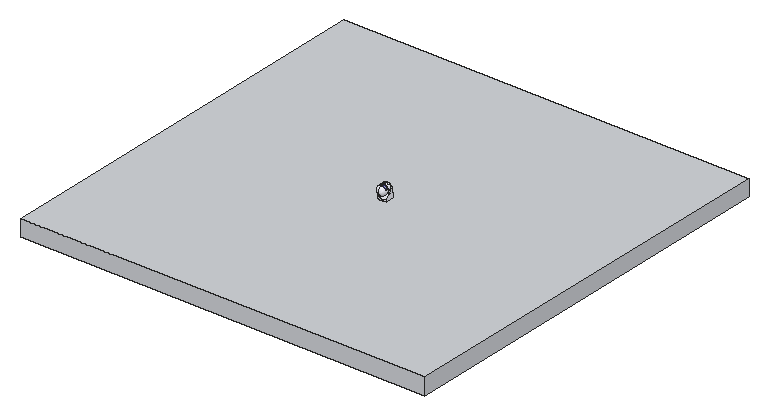
Revit family "LC Mini 120 Avec hôte", category Dispositifs d'éclairage, Revit 2019
Family settings
  Hôte = Face
  Conserver l'orientation des annotations = Oui
  Cote de connecteur circulaire = Utiliser le diamètre
  Type d'élément = Normal
  Couper avec des vides une fois chargée = Non
  Partagée = Non
  Point de calcul de pièce = Non
Parameters (values of type "01- LC Mini 120 Générique")
  Zone de detection [instance] = no
  URL = "http://www.luxomat.com"
  Type de Sortie = ""
  Température ambiante = "-25°C à +50°C"
  Référence = ""
  Relais = ""
  Position en hauteur = Elévation par défaut  # 250 cm
  Portée frontale [instance] = 400 cm  # constant formula
  Portée de biais [instance] = 1000 cm  # constant formula
  Modèle = "LC Mini 120"
  Mode de pose = "Mural"
  Marque = "LUXOMAT"
  Image du type = MURAL.jpg
  IP = "44"
  Hauteur de montage max préconisée [instance] = Hauteur de montage max  # 400 cm
  Hauteur de montage max = 400 cm
  Fabricant = "B.E.G."
  Etiquette [instance] = yes
  Elévation par défaut = 250 cm
  Consommation = ""
  Commentaires du type = "MINI.DET.MOUV.120°/10M MURAL"
  Code d'assemblage = "D5010200"
  Classe = "II"
  Charge LED = ""
  Charge Cos ɸ =1 = ""
  Charge Cos ɸ =0.5 = ""
  Alimentation = "110-240 V AC"
Types (6, lengths in cm): name | Type de Sortie | Référence | Relais | Modèle | Consommation | Commentaires du type | Charge LED | Charge Cos ɸ =1 | Charge Cos ɸ =0.5 | Alimentation
  (no name) | "" | "" | "" | "LC Mini 120" | "" | "MINI.DET.MOUV.120°/10M MURAL" | "" | "" | "" | "110-240 V AC"
  01- LC Mini 120 Générique | "" | "" | "" | "LC Mini 120" | "" | "MINI.DET.MOUV.120°/10M MURAL" | "" | "" | "" | "110-240 V AC"
  02- LC Mini 120 réf 91051 | "TOR" | "91051" | "4.3 A" | "LC Mini 120" | "0.4 W" | "MINI.DET.MOUV.1 CONTACT.120°/10M MURAL" | "200 W" | "1000 W" | "500 VA" | "110-240 V AC"
  03- LC Mini 120-DALILINK réf 93849 | "DALILINK" | "93849" | "0" | "LC Mini 120-DALILINK" | "3 mA" | "MINI.MULTI.CAPTEUR.MOUV.DALILINK.120°/10M MURAL" | "0" | "0" | "0" | "16 V DC par Bus DALI"
  04- LC Mini 120-DALISYS réf 93305 | "DALI Adressable" | "93305" | "0" | "LC Mini 120-DALISYS" | "3 mA" | "MINI.MULTI.CAPTEUR.MOUV.DALISYS.120°/10M MURAL" | "0" | "0" | "0" | "10-22 V DC par Bus DALI"
  05- LC Mini 120-BMS-DALI-2 réf 93541 | "DALI 2 Adressable - BMS" | "93541" | "0" | "LC Mini 120-BMS-DALI-2" | "3 mA" | "MINI.MULTI.CAPTEUR.MOUV.BMS.DALI 2.120°/10M MURAL" | "0" | "0" | "0" | "10-22 V DC par Bus DALI"
Reference planes (cm)
  plane 1 "Centre (avant/arrière)": y = 0
  plane 2: z = 0
  plane 3 "Centre (gauche/droite)": x = 0
Forms (cm)
  Extrusion 1, solid
    sketch origin (0, 0, 0) x (1, 0, 0) y (0, 1, 0)
      loop
        line (-121.92, 121.92) -> (-121.92, -121.92) -> (121.92, -121.92) -> (121.92, 121.92) -> (-121.92, 121.92)
    from 0 to -10
Dimensions and locks (cm)
  aligned and locked: plane 2 to Extrusion 1
  aligned and locked: level to Extrusion 1
  aligned and locked: plane 3 "Centre (gauche/droite)" to nested 2
  aligned and locked: plane 3 "Centre (gauche/droite)" to nested 3
  aligned and locked: plane 1 "Centre (avant/arrière)" to nested 3
  aligned and locked: plane 3 "Centre (gauche/droite)" to nested 4
  aligned and locked: nested 4 to Extrusion 1
Nested families (cm)
  nested 1: "Famille1" at (0, -52.6659, 0) x (-1, 0, 0) z (0, 0, 1), modele <- "Modèle", visible <- "Etiquette", référence <- "Référence", type "Famille1"
    with référence "", modele "LC Mini 120"
  nested 2: "Symbole Mural 2D" at (0, 0, 0), type "Symbole Mural 2D"
  nested 3: "Avec hôte - DP Mural 4" at (0, -4.1455, 0), type "Standard"
  nested 4: "Zone LC Mini 120° - 10m" at (0, 0, 0) x (1, 0, 0) z (0, -1, 0), visible <- "Zone de detection", type "Zone LC Mini 120° - 10m"
    with frontale 600 cm, biais 1000 cm
Connectors (cm)
  electrical at (0, 0, 0)
    settings: index 1, voltage 230 V, apparent load 0 VA, apparent load phase1 0 VA, apparent load phase2 0 VA, apparent load phase3 0 VA, power factor 1, load classification "Eclairage", number of poles 1, system type 31, power factor state 1, is connector primary yes, connector utility no, sub classification motor no, connector description ""
Definition of nested family "Avec hôte - DP Mural 4"
  Parameters (values of type "Standard")
    d273 = 0.00°
    d272 = 0.00°
    d258 = 10.3 cm
    d158 = 7.2 cm
    Revolution_StartAngle_2 = -90.0709°
    Revolution_StartAngle_1 = -90.0613°
    Revolution_EndAngle_2 = 0.00°
    Revolution_EndAngle_1 = 0.00°
  Reference planes (cm)
    plane 1 "Centre (avant/arrière)": y = 0
    plane 2: z = 0
    plane 3 "Centre (gauche/droite)": x = 0
    plane 4: x = -2.8
    plane 5: x = 2.8
    plane 6: y = 7
    plane 7: y = 2.2
    plane 8: y = 6.8
    plane 9: y = 2.9
    plane 10: z = 8.1
    plane 11: z = 5.3
    plane 12: y = 2.2
    plane 13: z = 4.05
    plane 14: y = 4.5968
    plane 15: z = 5.3
  Forms (cm)
    Extrusion 1, solid
      sketch origin (0, -1.1, 0) x (1, 0, 0) y (0, 1, 0)
        loop
          arc (-2.8, 4) -> (0, 3.3) -> (2.8, 4) r 5.95
          line (2.8, 4) -> (2.8, 7.9)
          arc (2.8, 7.9) -> (0, 8.1) -> (-2.8, 7.9) r 19.7
          line (-2.8, 7.9) -> (-2.8, 4)
      from 0 to 10
    Extrusion 2, void
      sketch origin (0, 0, 0) x (1, 0, 0) y (0, 0, 1)
        loop
          arc (-2.8, 5.3) -> (0, 8.1) -> (2.8, 5.3) r 2.8
          line (2.8, 5.3) -> (2.8, 10) -> (-2.8, 10) -> (-2.8, 5.3)
      from -7.1831 to -2.0125
    Extrusion 3, void
      sketch origin (0, 0, 0) x (0, 1, 0) y (0, 0, 1)
        loop
          line (6, 8.1) -> (7, 0) -> (7, 8.1) -> (6, 8.1)
        loop
          arc (4.5968, 4.05) -> (5.3347, 6.0163) -> (5.5968, 8.1) r 8.9997
          line (5.5968, 8.1) -> (2.2, 8.1) -> (2.2, 0)
          arc (2.2, 0) -> (3.2127, 2.1349) -> (4.5968, 4.05) r 12.9377
      from -10.3708 to 25
    Extrusion 4, solid
      sketch origin (0, 0, 0) x (0, 1, 0) y (0, 0, 1)
        loop
          line (5.5963, 8.05) -> (4.1455, 8.05) -> (4.1455, 3.503)
          arc (4.1455, 3.503) -> (4.3674, 3.7796) -> (4.5968, 4.05) r 12.9377
          arc (4.5968, 4.05) -> (5.3287, 5.992) -> (5.5963, 8.05) r 8.9997
      from -2.8 to 2.8
    Extrusion 5, void
      sketch origin (0, 0, 0) x (1, 0, 0) y (0, 0, 1)
        loop
          line (2.75, 5.3) -> (2.75, 3.2397) -> (3.8, 3.2397) -> (3.8, 8.6514) -> (-3.75, 8.6514) -> (-3.75, 3.2397) -> (-2.75, 3.2397) -> (-2.75, 5.3)
          arc (-2.75, 5.3) -> (0, 8.05) -> (2.75, 5.3) r 2.75
      from -5.5963 to 25
    Revolve 6, solid
      sketch origin (0, 0, 0) x (0, 1, 0) y (0, 0, 1)
        loop
          line (0, 5.3) -> (5.4, 5.3)
          arc (5.4, 5.3) -> (2.7, 8) -> (0, 5.3) r 2.7
        axis (0, 5.3) -> (5.4, 5.3)
      angle from 0 to 360
    Extrusion 7, void
      sketch origin (0, 0, 0) x (0, 1, 0) y (0, 0, 1)
        loop
          line (1.8455, 5.8) -> (3.8455, 5.8) -> (3.8455, 8.4314) -> (1.8455, 8.4314) -> (1.8455, 5.8)
      from -2.8 to 2.8
    Extrusion 8, solid
      sketch origin (0, 0, 0) x (1, 0, 0) y (0, 0, 1)
        loop
          line (-2.291, 5.8) -> (-2.1886, 5.8)
          arc (-2.1886, 5.8) -> (-1.3995, 7.0553) -> (0, 7.545) r 2.245
          arc (0, 7.545) -> (1.3995, 7.0553) -> (2.1886, 5.8) r 2.245
          line (2.1886, 5.8) -> (2.291, 5.8)
          arc (2.291, 5.8) -> (1.4708, 7.1264) -> (0, 7.645) r 2.345
          arc (0, 7.645) -> (-1.4708, 7.1264) -> (-2.291, 5.8) r 2.345
      from -3.8455 to -1.8455
  Cuts and joins
    Extrusion 5, Extrusion 7 cuts Extrusion 4
    Extrusion 7 cuts Revolve 6
    joined: Extrusion 4, Revolve 6
    Extrusion 2, Extrusion 3, Extrusion 7 cuts Extrusion 1
  Dimensions and locks (cm)
    aligned and locked: level to plane 2
    aligned and locked: Extrusion 3 sketch curve to plane 10
Definition of nested family "Famille1"
  Parameters (values of type "Famille1")
    référence [instance] = ""
    modele [instance] = ""
  Reference planes (cm)
    plane 1: y = 0
    plane 2: x = 0
  Text (cm)
    label "référence\nmodele" at (0.0074, -0.6424, 0), shows "référence", "modele"
Definition of nested family "Symbole Mural 2D"
  Reference planes (cm)
    plane 1: y = 0
    plane 2: x = 0
  Lines and regions (cm)
    Filled region 1, type "rouge"
      outline origin (0, 0, 0) x (1, 0, 0) y (0, 1, 0)
        loop
          circle (0, 0) r 0.0294
    detail lines
      curve 1: arc (-0.0294, 0, 0) -> (0, -0.0294, 0) -> (0.0294, 0, 0) r 0.0294
      curve 2: arc (0.0294, 0, 0) -> (0, 0.0294, 0) -> (-0.0294, 0, 0) r 0.0294
      curve 3: arc (0.102, 0.1767, 0) -> (0, 0.204, 0) -> (-0.102, 0.1767, 0) r 0.204
      curve 4: arc (0.081, 0.1403, 0) -> (0, 0.162, 0) -> (-0.081, 0.1403, 0) r 0.162
      curve 5: arc (0.06, 0.1039, 0) -> (0, 0.12, 0) -> (-0.06, 0.1039, 0) r 0.12
Definition of nested family "Zone LC Mini 120° - 10m"
  Parameters (values of type "Zone LC Mini 120° - 10m")
    frontale [instance] = 600 cm
    biais [instance] = 1000 cm
  Reference planes (cm)
    plane 1 "Centre (avant/arrière)": y = 0
    plane 2: z = 0
    plane 3 "Centre (gauche/droite)": x = 0
    plane 4: y = 400
    plane 5: y = 1000
    plane 6: x = -350
    plane 7: x = 350
    plane 8: through (0, 0, 400) normal (-0.5, -0.866, 0)
    plane 9: through (0, 0, 400) normal (-0.5, 0.866, 0)
    plane 10: x = -140
    plane 11: x = 140
  Lines and regions (cm)
    detail lines, in view "Niveau de réf."
      curve 1: line (-250.5716, 544.8861, 0) -> (-167.6266, 544.8861, 0)
      curve 2: line (-167.6266, 544.8861, 0) -> (-195.995, 567.0499, 0)
      curve 3: line (-167.6266, 544.8861, 0) -> (-195.995, 522.7223, 0)
      curve 7: line (0, 326.875, 0) -> (0, 243.93, 0)
      curve 8: line (0, 243.93, 0) -> (22.1638, 272.2984, 0)
      curve 9: line (0, 243.93, 0) -> (-22.1638, 272.2984, 0)
      curve 13: line (0, 0, 0) -> (-350, 202.0726, 0)
      curve 14: line (0, 0, 0) -> (350, 202.0726, 0)
      curve 15: spline (-140, 80.829, 0) -> (-135.2296, 163.4366, 0) -> (-121.2436, 240.4145, 0) -> (-98.9949, 306.517, 0) -> (-70, 357.2392, 0) -> (-36.2347, 389.1245, 0) -> (0, 400, 0) -> (36.2347, 389.1245, 0) -> (70, 357.2392, 0) -> (98.9949, 306.517, 0) -> (121.2436, 240.4145, 0) -> (135.2296, 163.4366, 0) -> (140, 80.829, 0)
      curve 16: spline (-350, 202.0726, 0) -> (-338.074, 408.5914, 0) -> (-303.1089, 601.0363, 0) -> (-247.4874, 766.2925, 0) -> (-175, 893.098, 0) -> (-90.5867, 972.8113, 0) -> (0, 1000, 0) -> (90.5867, 972.8113, 0) -> (175, 893.098, 0) -> (247.4874, 766.2925, 0) -> (303.1089, 601.0363, 0) -> (338.074, 408.5914, 0) -> (350, 202.0726, 0)
    detail lines, in view "Niveau de réf.", not visible
      curve 4: line (627.3725, -64.2741, 0) -> (628.0656, 18.6681, 0)
      curve 5: line (628.0656, 18.6681, 0) -> (605.6655, -9.5141, 0)
      curve 6: line (628.0656, 18.6681, 0) -> (649.9916, -9.8845, 0)
      curve 10: line (1028.0656, -276.777, 0) -> (1028.0656, -193.8319, 0)
      curve 11: line (1028.0656, -193.8319, 0) -> (1005.9018, -222.2003, 0)
      curve 12: line (1028.0656, -193.8319, 0) -> (1050.2294, -222.2003, 0)
